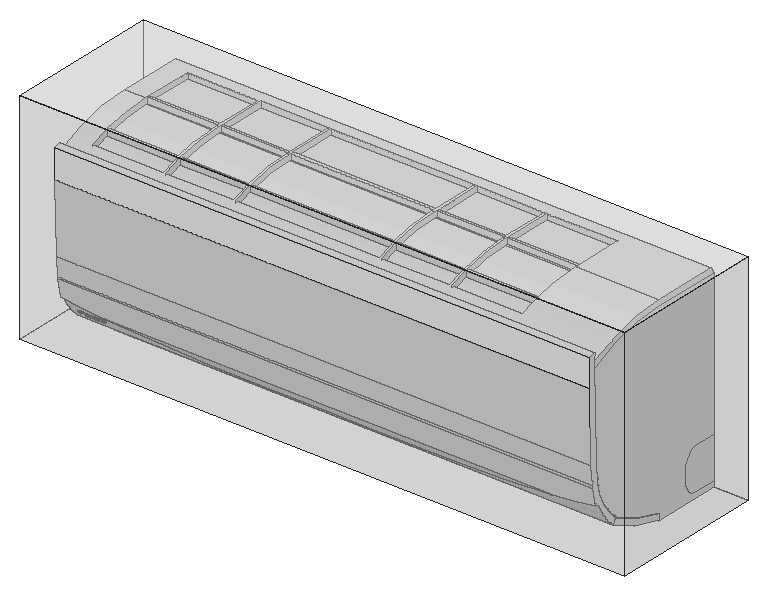
Revit family "outputfile", category 機械設備, Revit 2024
Family settings
  丸型コネクタ寸法 = 半径を使用
  パーツ タイプ = 標準
  OmniClass 番号 = 23.75.10.24.21.27.27
  OmniClass タイトル = Split System Air Conditioning Units
  作業面ベース = いいえ
  常に垂直 = はい
  ロード時にボイドで切り取り = いいえ
  注釈の向きを維持 = いいえ
  共有 = いいえ
  部屋計算ポイント = いいえ
Parameters (values of type "FTKM46QVMA")
  Description = ""
  書き出し IFC クラス(タイプ) = "IfcUnitaryEquipmentType"
  定義済み IFC タイプ(タイプ) = "AIRCONDITIONINGUNIT"
  Cost = 0
  Type Comments = ""
  Keynote = ""
  Type Image = (empty or 0)
  Assembly Code = ""
  w_wall hole = if(Width = 770.0 mm, 48.0 mm, 60.0 mm)  # 48.0 mm
  製造元 = "Daikin"
  モデル = "FTKM46QVMA"
  switch_frequency = yes
  r_Liquid Pipe Size = Liquid Pipe Size / 2  # 3.2 mm
  r_Gas Pipe Size = Gas Pipe Size / 2  # 6.35 mm
  r_Drain Pipe Size = Drain Pipe Size / 2  # 8.0 mm
  lw_powersupply [instance] = if(Width = 770.0 mm, if(or(Rear Right Connection_refrigerant, Bottom Right Connection_refrigerant), 25.0 mm, if(or(Rear Left Connection_refrigerant, Bottom Left Connection_refrigerant), 745.0 mm, 400.0 mm)), if(Width = 990.0 mm, if(or(Rear Right Connection_refrigerant, Bottom Right Connection_refrigerant), 40.0 mm, if(or(Rear Left Connection_refrigerant, Bottom Left Connection_refrigerant), 920.0 mm, 400.0 mm)), if(or(Rear Right Connection_refrigerant, Bottom Right Connection_refrigerant), 40.0 mm, if(or(Rear Left Connection_refrigerant, Bottom Left Connection_refrigerant), 920.0 mm, 400.0 mm))))  # 400.0 mm
  lw_liquidpipe [instance] = if(Width = 770.0 mm, if(or(Rear Right Connection_refrigerant, Bottom Right Connection_refrigerant), 0.0 mm, if(or(Rear Left Connection_refrigerant, Bottom Left Connection_refrigerant), 664.0 mm, 385.0 mm)), if(Width = 900.0 mm, if(or(Rear Right Connection_refrigerant, Bottom Right Connection_refrigerant), 0.0 mm, if(or(Rear Left Connection_refrigerant, Bottom Left Connection_refrigerant), 664.0 mm + (990.0 mm - 770.0 mm), 475.0 mm)), if(or(Rear Right Connection_refrigerant, Bottom Right Connection_refrigerant), 0.0 mm, if(or(Rear Left Connection_refrigerant, Bottom Left Connection_refrigerant), 664.0 mm + (990.0 mm - 770.0 mm), 475.0 mm))))  # 385.0 mm
  lw_gaspipe [instance] = if(Width = 770.0 mm, if(or(Rear Right Connection_refrigerant, Bottom Right Connection_refrigerant), 0.0 mm, if(or(Rear Left Connection_refrigerant, Bottom Left Connection_refrigerant), 675.0 mm, if(Gas Pipe Size = 12.7 mm, 345.0 mm, 335.0 mm))), if(Width = 990.0 mm, if(or(Rear Right Connection_refrigerant, Bottom Right Connection_refrigerant), 10.0 mm, if(or(Rear Left Connection_refrigerant, Bottom Left Connection_refrigerant), 890.0 mm, if(Gas Pipe Size = 15.9 mm, 410.0 mm, 400.0 mm))), if(or(Rear Right Connection_refrigerant, Bottom Right Connection_refrigerant), 10.0 mm, if(or(Rear Left Connection_refrigerant, Bottom Left Connection_refrigerant), 890.0 mm, if(Gas Pipe Size = 15.9 mm, 410.0 mm, 400.0 mm)))))  # 345.0 mm
  lw_drainpipe [instance] = if(Width = 770.0 mm, if(or(Rear Right Connection_refrigerant, Bottom Right Connection_refrigerant), 0.0 mm, if(or(Rear Left Connection_refrigerant, Bottom Left Connection_refrigerant), 770.0 mm - 48.0 mm - 48.0 mm, 440.0 mm)), if(Width = 990.0 mm, if(or(Rear Right Connection_refrigerant, Bottom Right Connection_refrigerant), 0.0 mm, if(or(Rear Left Connection_refrigerant, Bottom Left Connection_refrigerant), 675.0 mm + (990.0 mm - 770.0 mm), 435.0 mm)), if(or(Rear Right Connection_refrigerant, Bottom Right Connection_refrigerant), 0.0 mm, if(or(Rear Left Connection_refrigerant, Bottom Left Connection_refrigerant), 675.0 mm + (990.0 mm - 770.0 mm), 435.0 mm))))  # 440.0 mm
  l_powersupply_length [instance] = if(Width = 770.0 mm, if(Right Connection_refrigerant, 400.0 mm, if(Left Connection_refrigerant, 770.0 mm - 400.0 mm, if(or(Rear Left Connection_refrigerant, Rear Right Connection_refrigerant), 15.0 mm, 50.0 mm))), if(Width = 990.0 mm, if(Right Connection_refrigerant, 400.0 mm, if(Left Connection_refrigerant, 990.0 mm - 400.0 mm, if(or(Rear Left Connection_refrigerant, Rear Right Connection_refrigerant), 15.0 mm, 50.0 mm))), if(Right Connection_refrigerant, 400.0 mm, if(Left Connection_refrigerant, 990.0 mm - 400.0 mm, if(or(Rear Left Connection_refrigerant, Rear Right Connection_refrigerant), 15.0 mm, 50.0 mm)))))  # 400.0 mm
  l_liquidpipe_length [instance] = if(Width = 770.0 mm, if(Right Connection_refrigerant, 433.0 mm, if(Left Connection_refrigerant, 337.0 mm, if(or(Rear Left Connection_refrigerant, Rear Right Connection_refrigerant), 30.0 mm, 40.0 mm))), if(Width = 990.0 mm, if(Right Connection_refrigerant, 535.0 mm, if(Left Connection_refrigerant, 455.0 mm, if(or(Rear Left Connection_refrigerant, Rear Right Connection_refrigerant), 30.0 mm, 40.0 mm))), if(Right Connection_refrigerant, 535.0 mm, if(Left Connection_refrigerant, 455.0 mm, if(or(Rear Left Connection_refrigerant, Rear Right Connection_refrigerant), 30.0 mm, 40.0 mm)))))  # 433.0 mm
  l_gaspipe_length [instance] = if(Width = 770.0 mm, if(Right Connection_refrigerant, if(Gas Pipe Size = 12.7 mm, 393.0 mm, 383.0 mm), if(Left Connection_refrigerant, if(Gas Pipe Size = 12.7 mm, 770.0 mm - 393.0 mm, 770.0 mm - 383.0 mm), if(or(Rear Left Connection_refrigerant, Rear Right Connection_refrigerant), 40.0 mm, 50.0 mm))), if(Width = 990.0 mm, if(Right Connection_refrigerant, if(Gas Pipe Size = 15.9 mm, 470.0 mm, 460.0 mm), if(Left Connection_refrigerant, if(Gas Pipe Size = 15.9 mm, 990.0 mm - 470.0 mm, 990.0 mm - 460.0 mm), if(or(Rear Left Connection_refrigerant, Rear Right Connection_refrigerant), 40.0 mm, 50.0 mm))), if(Right Connection_refrigerant, if(Gas Pipe Size = 15.9 mm, 470.0 mm, 460.0 mm), if(Left Connection_refrigerant, if(Gas Pipe Size = 15.9 mm, 990.0 mm - 470.0 mm, 990.0 mm - 460.0 mm), if(or(Rear Left Connection_refrigerant, Rear Right Connection_refrigerant), 40.0 mm, 50.0 mm)))))  # 393.0 mm
  l_drainpipe_length [instance] = if(Width = 770.0 mm, if(Right Connection_refrigerant, 488.0 mm, if(Left Connection_refrigerant, 282.0 mm, if(or(Rear Left Connection_refrigerant, Rear Right Connection_refrigerant), 15.0 mm, 20.0 mm))), if(Width = 990.0 mm, if(Right Connection_refrigerant, 495.0 mm, if(Left Connection_refrigerant, 495.0 mm, if(or(Rear Left Connection_refrigerant, Rear Right Connection_refrigerant), 15.0 mm, 20.0 mm))), if(Right Connection_refrigerant, 495.0 mm, if(Left Connection_refrigerant, 495.0 mm, if(or(Rear Left Connection_refrigerant, Rear Right Connection_refrigerant), 15.0 mm, 20.0 mm)))))  # 488.0 mm
  h*** = 0.0 mm  # constant formula
  connector_voltage = Voltage_50Hz  # 230 V
  connector_powerinput = [Power Input (Cooling)]  # 0.000 kW
  connector_phase = Phase_50Hz  # 1
  angle_vertical [instance] = if(or(Bottom Left Connection_refrigerant, Bottom Right Connection_refrigerant), 0.00°, 90.00°)  # 90.00°
  angle_horizontal [instance] = if(Right Connection_refrigerant, 90.00°, if(Left Connection_refrigerant, -90.00°, if(or(Rear Left Connection_refrigerant, Rear Right Connection_refrigerant), 180.00°, 0.00°)))  # 90.00°
  Width = 770.0 mm
  Voltage_comment_50Hz = "220 - 240"
  Voltage_50Hz = 230 V
  Version = "ver.1.0"
  Unit Type = "Wall Mounted"
  Unit Mass Weight = 9.00 kg
  Unit Designation [instance] = ""
  Uniclass2015Version = "Products v1.30"
  Uniclass2015Title = "Split coil room air conditioning units"
  Uniclass2015Code = "Pr_70_65_03_86"
  URL = ""
  Total Cooling Capacity [instance] = 0.000 kW
  Sound Pressure Level_M speed (dBA) = 40
  Sound Pressure Level_L speed (dBA) = 35
  Sound Pressure Level_H speed (dBA) = 44
  Sound Power Level_H speed (dB) = 0
  Series = "Single Split_Fan Coil Unit"
  Sensible Cooling Capacity [instance] = 0.000 kW
  Refrigerant Type = "R32"
  Power Input (Cooling) = 0.000 kW
  Phase_50Hz = 1
  Option Accessory 3 [instance] = ""
  Option Accessory 2 [instance] = ""
  Option Accessory 1 [instance] = ""
  Nominal Cooling Capacity = 4.600 kW
  Minimum Circuit Amps_50Hz = 0.0 A
  Minimum Airflow = 504.00 m³/h
  Median Airflow = 600.00 m³/h
  Maximum Fuse Amps_50Hz = 0.0 A
  Maximum Airflow = 732.00 m³/h
  Material_Casing = DAIKIN_PureWhite_Casing_indoorunit
  Load Classification = HVAC
  Liquid Pipe Size = 6.4 mm
  Link_Nested Family [instance] = ""
  IfcVersion = ""
  IfcExportType = "AIRCONDITIONINGUNIT"
  IfcExportAs = "IfcUnitaryEquipmentType"
  Height = 285.0 mm
  Heat Exchanger Type = "Cross Fin Coil"
  Gas Pipe Size = 12.7 mm
  Frequency_50Hz = 50 Hz
  Fan Type = "Cross Flow Fan"
  Fan Drive = "Direct Drive"
  FCU Tag No. [instance] = ""
  Drain Pipe Size = 16.0 mm
  Design Supply Airflow [instance] = 0.00 m³/h
  Depth = 223.0 mm
  既定の高さ = 0.0 mm
  Cooling Entering Wet Bulb Temperature [instance] = 0.00 °C
  Cooling Entering Dry Bulb Temperature [instance] = 0.00 °C
  Cooling Ambient Wet Bulb Temperature [instance] = 0.00 °C
  Cooling Ambient Dry Bulb Temperature [instance] = 0.00 °C
  Clearance visibility [instance] = yes
  Clearance Top = 30.0 mm
  Clearance Right = 50.0 mm
  Clearance Rear = 0.0 mm
  Clearance Left = 50.0 mm
  Clearance Front = 0.0 mm
  Clearance Bottom = 0.0 mm
  Bottom Right Connection_refrigerant [instance] = no
  Bottom Left Connection_refrigerant [instance] = no
  Rear Right Connection_refrigerant [instance] = no
  Rear Left Connection_refrigerant [instance] = no
  Right Connection_refrigerant [instance] = yes
  Left Connection_refrigerant [instance] = no
Reference planes
  plane 1 "Back": y = 0
  plane 2: z = 0
  plane 3 "Center (Left/Right)": x = 0
  plane 4 "Center (Front/Back)": y = -111.5
  plane 5 "Front": y = -223
  plane 6 "Left": x = -385
  plane 7 "Right": x = 385
  plane 8 "Top": z = 0
  plane 9 "Bottom": z = -285
  plane 10: x = -435
  plane 11: x = 435
  plane 12: y = 0
  plane 13: y = -223
  plane 14: z = 30
  plane 15: z = -285
  plane 16 "lw_Piping and Wiring intake": x = 337
  plane 17 "lw_gaspipe": x = -8
  plane 18 "lw_liquidpipe": x = -48
  plane 19 "lw_drainpipe": x = -103
  plane 20 "lh_drainpipe": z = -265
  plane 21 "lh_liquidpipe": z = -245
  plane 22 "lh_gaspipe": z = -235
  plane 23 "ld_drainpipe": y = -15
  plane 24 "ld_liquidpipe": y = -30
  plane 25 "ld_gaspipe": y = -40
  plane 26 "lw_powersupply": x = -15
Dimensions and locks
  equal spacing: plane 6 "Left", plane 3 "Center (Left/Right)", plane 7 "Right"
  "Width": plane 6 "Left" to plane 7 "Right"
  equal spacing: plane 5 "Front", plane 4 "Center (Front/Back)", plane 1 "Back"
  "Depth": plane 5 "Front" to plane 1 "Back"
  "Height": plane 8 "Top" to plane 9 "Bottom"
  "Clearance Rear": plane 12 to plane 1 "Back"
  "Clearance Front": plane 13 to plane 5 "Front"
  "Clearance Top": plane 14 to plane 8 "Top"
  "Clearance Bottom": plane 9 "Bottom" to plane 15
  "w_wall hole": plane 16 "lw_Piping and Wiring intake" to plane 7 "Right"
  "lw_gaspipe": plane 17 "lw_gaspipe" to plane 16 "lw_Piping and Wiring intake"
  "lw_liquidpipe": plane 18 "lw_liquidpipe" to plane 16 "lw_Piping and Wiring intake"
  "lw_drainpipe": plane 19 "lw_drainpipe" to plane 16 "lw_Piping and Wiring intake"
  locked: plane 20 "lh_drainpipe" to plane 9 "Bottom" at 20
  locked: plane 21 "lh_liquidpipe" to plane 9 "Bottom" at 40
  locked: plane 22 "lh_gaspipe" to plane 9 "Bottom" at 50
  locked: plane 23 "ld_drainpipe" to plane 1 "Back" at 15
  locked: plane 1 "Back" to plane 24 "ld_liquidpipe" at 30
  locked: plane 1 "Back" to plane 25 "ld_gaspipe" at 40
  "lw_powersupply": plane 26 "lw_powersupply" to plane 7 "Right"
  "Clearance Right": plane 7 "Right" to plane 11
  "Clearance Left": plane 10 to plane 6 "Left"
  aligned and locked: level to plane 2
  aligned and locked: plane 12 to nested 1
  aligned and locked: nested 1 to plane 13
  aligned and locked: plane 10 to nested 1
  aligned and locked: plane 11 to nested 1
  aligned and locked: plane 15 to nested 1
  aligned and locked: plane 14 to nested 1
  aligned and locked: plane 17 "lw_gaspipe" to nested 2
  aligned and locked: nested 2 to plane 25 "ld_gaspipe"
  aligned and locked: plane 18 "lw_liquidpipe" to nested 3
  aligned and locked: nested 3 to plane 24 "ld_liquidpipe"
  aligned and locked: plane 19 "lw_drainpipe" to nested 4
  aligned and locked: nested 4 to plane 23 "ld_drainpipe"
  aligned and locked: nested 5 to plane 23 "ld_drainpipe"
  aligned and locked: plane 26 "lw_powersupply" to nested 5
  aligned and locked: level to plane 8 "Top"
  aligned and locked: plane 3 "Center (Left/Right)" to nested 6
  aligned and locked: plane 1 "Back" to nested 6
  aligned and locked: plane 8 "Top" to nested 6
Nested families
  nested 1: "daikin_clearancespace" at (0, -111.5, -127.381), show <- "Clearance visibility", visible <- "Clearance visibility", Link_Nested Family <- "Link_Nested Family", type "daikin_clearancespace"
    with width 870.0 mm, show yes, height 315.0 mm, depth 223.0 mm, Link_Nested Family ""
  nested 2: "daikin_connector_rotate3" at (-8, -40, -235), angle_vertical <- "angle_vertical", angle_horizontal <- "angle_horizontal", length <- "l_gaspipe_length", radius <- "r_Gas Pipe Size", type "daikin_connector_rotate3"
    with show no, radius 6.35 mm, length 393.0 mm, angle_vertical 90.00°, angle_horizontal 90.00°
  nested 3: "daikin_connector_rotate3" at (-48, -30, -245), angle_vertical <- "angle_vertical", angle_horizontal <- "angle_horizontal", radius <- "r_Liquid Pipe Size", length <- "l_liquidpipe_length", type "daikin_connector_rotate3"
    with show no, radius 3.2 mm, length 433.0 mm, angle_vertical 90.00°, angle_horizontal 90.00°
  nested 4: "daikin_connector_rotate3" at (-103, -15, -265), angle_vertical <- "angle_vertical", angle_horizontal <- "angle_horizontal", length <- "l_drainpipe_length", radius <- "r_Drain Pipe Size", type "daikin_connector_rotate3"
    with show no, radius 8.0 mm, length 488.0 mm, angle_vertical 90.00°, angle_horizontal 90.00°
  nested 5: "daikin_connector_rotate3" at (-15, -15, -235), angle_vertical <- "angle_vertical", angle_horizontal <- "angle_horizontal", length <- "l_powersupply_length", type "daikin_connector_rotate3"
    with show no, radius 10.0 mm, length 400.0 mm, angle_vertical 90.00°, angle_horizontal 90.00°
  nested 6: "DAIKIN_indoorunit_FTKM-QVMA" at (-31, 0, 0), type "FTKM-QVMA"
Connectors
  piping at (385, -40, -235), diameter 12.7, driven by "r_Gas Pipe Size"
    settings: on nested 2, index 1, connector inside diameter 609.6 mm, connector length 0.0 mm, flow factor 0, pipe flow 0.00 m³/h, pressure drop 0.0 Pa, fitting loss kfactor 0, connector angle 0.00°, fixture units 0, engagement length 0.0 mm, angle of deflection 0.00°, flow configuration 1, flow direction 2, fitting loss method 0, system type 29, joint type 0, gender type 0, connector reference index -1, connector utility 0, adjustable connector no, is connector primary yes, connector description "Refrigerant Gas Piping"
  piping at (385, -30, -245), diameter 6.4, driven by "r_Liquid Pipe Size"
    settings: on nested 3, index 2, connector inside diameter 609.6 mm, connector length 0.0 mm, flow factor 0, pipe flow 0.00 m³/h, pressure drop 0.0 Pa, fitting loss kfactor 0, connector angle 0.00°, fixture units 0, engagement length 0.0 mm, angle of deflection 0.00°, flow configuration 1, flow direction 1, fitting loss method 0, system type 29, joint type 0, gender type 0, connector reference index -1, connector utility 0, adjustable connector no, is connector primary no, connector description "Refrigerant Liquid Piping"
  piping at (385, -15, -265), diameter 16, driven by "r_Drain Pipe Size"
    settings: on nested 4, index 3, connector inside diameter 609.6 mm, connector length 0.0 mm, flow factor 0, pipe flow 0.00 m³/h, pressure drop 0.0 Pa, fitting loss kfactor 0, connector angle 0.00°, fixture units 0, engagement length 0.0 mm, angle of deflection 0.00°, flow configuration 1, flow direction 2, fitting loss method 4, system type 16, joint type 0, gender type 0, connector reference index -1, connector utility 0, adjustable connector no, is connector primary no, connector description "Condensate Drain Piping"
  electrical at (385, -15, -235), driven by "Load Classification", driven by "connector_powerinput", driven by "connector_voltage", driven by "connector_phase"
    settings: on nested 5, index 4, voltage 230 V, apparent load 0 VA, apparent load phase1 0 VA, apparent load phase2 0 VA, apparent load phase3 0 VA, power factor 1, load classification "HVAC", number of poles 1, system type 30, power factor state 1, is connector primary yes, connector utility no, sub classification motor no, connector description "Power Supply"
Definition of nested family "daikin_clearancespace"
  Parameters (values of type "daikin_clearancespace")
    Description = "daikin_clearancespace"
    width [instance] = 1823.963 mm
    show [instance] = yes
    material = none
    height [instance] = 1359.762 mm
    depth [instance] = 880.0 mm
    Default Elevation = 0.0 mm
    Link_Nested Family [instance] = ""
  Reference planes
    plane 1 "Center (Front/Back)": y = 0
    plane 2 "Center (Elevation)": z = -0.119
    plane 3 "Center (Left/Right)": x = 0
    plane 4: y = 440
    plane 5: y = -440
    plane 6 "Right": x = 911.982
    plane 7 "Left": x = -911.982
    plane 8 "Top": z = 679.762
    plane 9 "Bottom": z = -680
  Forms (mm)
    Extrusion 1, solid, material <- "material", visible <- "show"
      sketch origin (0, 0, 0) x (1, 0, 0) y (0, 1, 0)
        loop
          line (-911.982, 440) -> (-911.982, -440) -> (911.982, -440) -> (911.982, 440) -> (-911.982, 440)
      from -680 to 679.762
  Lines and regions (mm)
    symbolic lines, visible <- "show"
      curve 1: line (911.982, 440, 0) -> (-911.982, 440, 0)
      curve 2: line (-911.982, 440, 0) -> (-911.982, -440, 0)
      curve 3: line (-911.982, -440, 0) -> (911.982, -440, 0)
      curve 4: line (911.982, -440, 0) -> (911.982, 440, 0)
      curve 5: line (911.982, 0, 679.762) -> (-911.982, 0, 679.762)
      curve 6: line (911.982, 0, -680) -> (911.982, 0, 679.762)
      curve 7: line (-911.982, 0, -680) -> (911.982, 0, -680)
      curve 8: line (-911.982, 0, 679.762) -> (-911.982, 0, -680)
      curve 9: line (0, 440, 679.762) -> (0, -440, 679.762)
      curve 10: line (0, -440, 679.762) -> (0, -440, -680)
      curve 11: line (0, 440, -680) -> (0, 440, 679.762)
      curve 12: line (0, -440, -680) -> (0, 440, -680)
  Dimensions and locks
    "width": plane 7 "Left" to plane 6 "Right"
    "depth": plane 4 to plane 5
    "height": plane 8 "Top" to plane 9 "Bottom"
    equal spacing: plane 7 "Left", plane 3 "Center (Left/Right)", plane 6 "Right"
    equal spacing: plane 4, plane 1 "Center (Front/Back)", plane 5
    equal spacing: plane 8 "Top", plane 2 "Center (Elevation)", plane 9 "Bottom"
    aligned and locked: level to plane 2 "Center (Elevation)"
    aligned and locked: Extrusion 1 sketch curve to plane 4
    aligned and locked: plane 7 "Left" to Extrusion 1 sketch curve
    aligned and locked: Extrusion 1 sketch curve to plane 5
    aligned and locked: Extrusion 1 sketch curve to plane 6 "Right"
    aligned and locked: plane 8 "Top" to Extrusion 1
    aligned and locked: curve 1 to Extrusion 1
    aligned and locked: curve 2 to Extrusion 1
    aligned and locked: curve 3 to Extrusion 1
    aligned and locked: curve 4 to Extrusion 1
    aligned and locked: curve 5 to Extrusion 1
    aligned and locked: curve 6 to Extrusion 1
    aligned and locked: curve 7 to Extrusion 1
    aligned and locked: curve 8 to Extrusion 1
    aligned and locked: curve 9 to Extrusion 1
    aligned and locked: curve 10 to Extrusion 1
    aligned and locked: curve 11 to Extrusion 1
    aligned and locked: curve 12 to Extrusion 1
    aligned and locked: Extrusion 1 to plane 9 "Bottom"
Definition of nested family "DAIKIN_indoorunit_FTKM-QVMA"
  Parameters (values of type "FTKM-QVMA")
    switch_unit1_50-71 = Width = 990.0 mm  # no
    switch_unit1_20-46 = Width = 770.0 mm  # yes
    Width = 770.0 mm
    WALL HOLE-R = if(Width = 770.0 mm, 48.0 mm, 60.0 mm)  # 48.0 mm
    WALL HOLE Size = if(Width = 770.0 mm, 65.0 mm, 80.0 mm)  # 65.0 mm
    Material_Casing = none
    Height = if(Width = 770.0 mm, 285.0 mm, 295.0 mm)  # 285.0 mm
    Default Elevation = 0.0 mm
  Reference planes
    plane 1 "Center (Front/Back)": y = 0
    plane 2 "reference_level": z = 0
    plane 3 "Center (Left/Right)": x = 31
    plane 4: x = -354
    plane 5: x = 416
    plane 6: z = -285
  Forms (mm)
    Extrusion 1, solid, material <- "Material_Casing", visible <- "switch_unit1_20-46"
      sketch origin (29, 0, 0) x (0, 1, 0) y (0, 0, 1)
        loop
          line (-5, 0) -> (-98, 0)
          arc (-98, 0) -> (-157.611, -7.211) -> (-213.783, -28.427) r 250
          arc (-213.783, -28.427) -> (-213.842, -32.972) -> (-213.892, -37.516) r 2191
          arc (-213.892, -37.516) -> (-157.832, -15.495) -> (-98.07, -8) r 242
          line (-98.07, -8) -> (0, -8) -> (-5, 0)
      from -383 to 387
    Extrusion 2, solid, material <- "Material_Casing", visible <- "switch_unit1_20-46"
      sketch origin (416, 1296.25, 1200) x (0, 1, 0) y (0, 0, 1)
        loop
          line (-1472.998, -1446.91) -> (-1476.998, -1453.839)
          arc (-1476.998, -1453.839) -> (-1437.481, -1472.422) -> (-1395.25, -1483.538) r 240
          line (-1395.25, -1483.538) -> (-1395.25, -1475.422)
          arc (-1395.25, -1475.422) -> (-1435.407, -1464.663) -> (-1472.998, -1446.91) r 232
      from 0 to -47.5
    Extrusion 3, solid, material <- "Material_Casing", visible <- "switch_unit1_20-46"
      sketch origin (29, 0, 0) x (0, 1, 0) y (0, 0, 1)
        loop
          arc (-223, -60.455) -> (-222.414, -110.646) -> (-220.656, -160.81) r 2149.92
          arc (-220.656, -160.81) -> (-219.65, -174.299) -> (-217.853, -187.706) r 229.911
          arc (-217.853, -187.706) -> (-205.371, -223.594) -> (-181.517, -253.17) r 111
          line (-181.517, -253.17) -> (-177.429, -246.093)
          arc (-177.429, -246.093) -> (-198.77, -218.989) -> (-209.965, -186.36) r 103
          arc (-209.965, -186.36) -> (-211.681, -173.586) -> (-212.651, -160.735) r 221.844
          arc (-212.651, -160.735) -> (-214.739, -93.233) -> (-214.74, -25.699) r 2186.828
          arc (-214.74, -25.699) -> (-214.671, -21.467) -> (-214.594, -17.235) r 2192
          line (-214.594, -17.235) -> (-223, -19.961) -> (-223, -60.455)
      from -383 to 387
    Extrusion 4, solid, material <- "Material_Casing", visible <- "switch_unit1_20-46"
      sketch origin (29, 0, 0) x (0, 1, 0) y (0, 0, 1)
        loop
          line (-181.517, -253.17) -> (-179.597, -249.846)
          arc (-179.597, -249.846) -> (-202.009, -221.399) -> (-213.189, -186.952) r 103
          line (-213.189, -186.952) -> (-217.853, -187.706)
          arc (-217.853, -187.706) -> (-217.533, -189.556) -> (-217.182, -191.4) r 111
          arc (-217.182, -191.4) -> (-213.806, -208.181) -> (-210.362, -224.948) r 4257.809
          arc (-210.362, -224.948) -> (-198.886, -237.857) -> (-186.225, -249.607) r 180
          line (-186.225, -249.607) -> (-181.517, -253.17)
      from -383 to 387
    Extrusion 5, solid, material <- "Material_Casing", visible <- "switch_unit1_20-46"
      sketch origin (29, 0, -20) x (0, 1, 0) y (0, 0, 1)
        loop
          line (0, -265) -> (0, 12) -> (-98.07, 12)
          arc (-98.07, 12) -> (-157.832, 4.505) -> (-213.892, -17.516) r 242
          arc (-213.892, -17.516) -> (-213.638, -79.114) -> (-211.653, -140.681) r 2191
          arc (-211.653, -140.681) -> (-210.685, -153.501) -> (-208.973, -166.243) r 221
          arc (-208.973, -166.243) -> (-197.471, -199.282) -> (-175.482, -226.491) r 102
          arc (-175.482, -226.491) -> (-138.004, -244.019) -> (-98, -254.579) r 231
          line (-98, -254.579) -> (-98, -265) -> (0, -265)
      from -383 to 387
    Extrusion 6, solid, material <- "Material_Casing", visible <- "switch_unit1_20-46"
      sketch origin (-354, 1296.25, 1200) x (0, 1, 0) y (0, 0, 1)
        loop
          line (-1472.998, -1446.91) -> (-1476.998, -1453.839)
          arc (-1476.998, -1453.839) -> (-1437.481, -1472.422) -> (-1395.25, -1483.538) r 240
          line (-1395.25, -1483.538) -> (-1395.25, -1475.422)
          arc (-1395.25, -1475.422) -> (-1435.407, -1464.663) -> (-1472.998, -1446.91) r 232
      from 47 to 0
    Extrusion 7, solid, material <- "Material_Casing", visible <- "switch_unit1_20-46"
      sketch origin (416, 1296.25, 1200) x (0, 1, 0) y (0, 0, 1)
        loop
          line (-1472.998, -1446.91) -> (-1476.998, -1453.839)
          arc (-1476.998, -1453.839) -> (-1443.437, -1470.168) -> (-1407.75, -1481.097) r 240
          line (-1407.75, -1481.097) -> (-1407.75, -1472.894)
          arc (-1407.75, -1472.894) -> (-1441.363, -1462.385) -> (-1472.998, -1446.91) r 232
      from -116.993 to -48.493
    Extrusion 8, solid, material <- "Material_Casing", visible <- "switch_unit1_20-46"
      sketch origin (416, 1296.25, 1200) x (0, 1, 0) y (0, 0, 1)
        loop
          line (-1472.998, -1446.91) -> (-1476.998, -1453.839)
          arc (-1476.998, -1453.839) -> (-1443.437, -1470.168) -> (-1407.75, -1481.097) r 240
          line (-1407.75, -1481.097) -> (-1407.75, -1472.894)
          arc (-1407.75, -1472.894) -> (-1441.363, -1462.385) -> (-1472.998, -1446.91) r 232
      from -717 to -121.993
    Extrusion 9, void
      sketch origin (31, 0, -235) x (1, 0, 0) y (0, 1, 0)
        loop
          line (-252.674, -22.316) -> (-354.941, -22.316) -> (-354.941, -91.341) -> (-252.674, -91.341) -> (-252.674, -22.316)
        loop
          line (-249.341, -91.341) -> (-151.574, -91.341) -> (-151.574, -22.316) -> (-249.341, -22.316) -> (-249.341, -91.341)
        loop
          line (58.309, -22.316) -> (-148.309, -22.316) -> (-148.309, -91.341) -> (58.309, -91.341) -> (58.309, -22.316)
        loop
          line (61.689, -22.316) -> (61.689, -91.341) -> (159.457, -91.341) -> (159.457, -22.316) -> (61.689, -22.316)
        loop
          line (162.789, -22.316) -> (162.789, -91.341) -> (265.057, -91.341) -> (265.057, -22.316) -> (162.789, -22.316)
        loop
          line (-354.941, -94.659) -> (-354.941, -165.259) -> (-252.674, -165.259) -> (-252.674, -94.659) -> (-354.941, -94.659)
        loop
          line (-249.341, -94.659) -> (-249.341, -165.259) -> (-151.574, -165.259) -> (-151.574, -94.659) -> (-249.341, -94.659)
        loop
          line (-148.309, -94.659) -> (-148.309, -165.259) -> (58.309, -165.259) -> (58.309, -94.659) -> (-148.309, -94.659)
        loop
          line (61.689, -94.659) -> (61.689, -165.259) -> (159.457, -165.259) -> (159.457, -94.659) -> (61.689, -94.659)
        loop
          line (162.789, -94.659) -> (162.789, -165.259) -> (265.057, -165.259) -> (265.057, -94.659) -> (162.789, -94.659)
        loop
          line (-354.941, -167.382) -> (-354.941, -192.681) -> (-252.674, -192.681) -> (-252.674, -167.382) -> (-354.941, -167.382)
        loop
          line (-249.341, -167.382) -> (-249.341, -192.681) -> (-151.574, -192.681) -> (-151.574, -167.382) -> (-249.341, -167.382)
        loop
          line (-148.309, -167.382) -> (-148.309, -192.681) -> (58.309, -192.681) -> (58.309, -167.382) -> (-148.309, -167.382)
        loop
          line (159.457, -167.382) -> (61.689, -167.382) -> (61.689, -192.681) -> (159.457, -192.681) -> (159.457, -167.382)
        loop
          line (265.057, -167.382) -> (162.789, -167.382) -> (162.789, -192.681) -> (265.057, -192.681) -> (265.057, -167.382)
      from 201.638 to 250
    Extrusion 10, void
      sketch origin (31, 0, 0) x (1, 0, 0) y (0, 0, 1)
        loop
          arc (597, -174.907) -> (0.056, -245.263) -> (-597, -175.856) r 2585.042
          line (-597, -175.856) -> (-597, -352.872) -> (597, -352.872) -> (597, -174.907)
      from 173 to 315.3
    Extrusion 11, solid, material <- "Material_Casing"
      sketch origin (31, 0, 0) x (1, 0, 0) y (0, 0, 1)
        loop
          circle (337, -240.5) r 32.5
        loop
          circle (-337, -240.5) r 32.5
      from 0 to 5
    Extrusion 12, solid, material <- "Material_Casing", visible <- "switch_unit1_20-46"
      sketch origin (416, 1296.25, 1200) x (0, -1, 0) y (0, 0, 1)
        loop
          line (1326.25, -1417) -> (1296.25, -1417) -> (1296.25, -1477) -> (1326.25, -1477)
          arc (1326.25, -1477) -> (1340.393, -1471.142) -> (1346.25, -1457) r 20
          line (1346.25, -1457) -> (1346.25, -1437)
          arc (1346.25, -1437) -> (1340.393, -1422.858) -> (1326.25, -1417) r 20
      from 0 to 5
    Extrusion 13, solid, material <- "Material_Casing", visible <- "switch_unit1_20-46"
      sketch origin (-354, 1296.25, 1200) x (0, 1, 0) y (0, 0, 1)
        loop
          line (-1296.25, -1417) -> (-1326.25, -1417)
          arc (-1326.25, -1417) -> (-1340.393, -1422.858) -> (-1346.25, -1437) r 20
          line (-1346.25, -1437) -> (-1346.25, -1457)
          arc (-1346.25, -1457) -> (-1340.393, -1471.142) -> (-1326.25, -1477) r 20
          line (-1326.25, -1477) -> (-1296.25, -1477) -> (-1296.25, -1417)
      from 0 to 5
    Extrusion 14, solid, material <- "Material_Casing", visible <- "switch_unit1_20-46"
      sketch origin (31, 0, -285) x (-1, 0, 0) y (0, -1, 0)
        loop
          line (-314, 0) -> (-314, 30)
          arc (-314, 30) -> (-319.858, 44.142) -> (-334, 50) r 20
          line (-334, 50) -> (-354, 50)
          arc (-354, 50) -> (-368.142, 44.142) -> (-374, 30) r 20
          line (-374, 30) -> (-374, 0) -> (-314, 0)
        loop
          line (374, 0) -> (374, 30)
          arc (374, 30) -> (368.142, 44.142) -> (354, 50) r 20
          line (354, 50) -> (334, 50)
          arc (334, 50) -> (319.858, 44.142) -> (314, 30) r 20
          line (314, 30) -> (314, 0) -> (374, 0)
      from 0 to 5
    Extrusion 15, solid, material <- "Material_Casing", visible <- "switch_unit1_50-71"
      sketch origin (31, 0, 0) x (0, 1, 0) y (0, 0, 1)
        loop
          line (-5, 0) -> (-138, 0)
          arc (-138, 0) -> (-197.611, -7.211) -> (-253.783, -28.427) r 250
          arc (-253.783, -28.427) -> (-253.838, -32.687) -> (-253.886, -36.946) r 2191
          arc (-253.886, -36.946) -> (-197.73, -15.346) -> (-138.014, -8) r 246.393
          line (-138.014, -8) -> (0, -8) -> (-5, 0)
      from -495 to 495
    Extrusion 16, solid, material <- "Material_Casing", visible <- "switch_unit1_50-71"
      sketch origin (418, 1296.25, 1200) x (0, 1, 0) y (0, 0, 1)
        loop
          arc (-1515.208, -1454.149) -> (-1506.856, -1460.599) -> (-1497.925, -1466.219) r 110
          arc (-1497.925, -1466.219) -> (-1445.718, -1487.493) -> (-1389.844, -1494.995) r 223
          line (-1389.844, -1494.995) -> (-1389.844, -1486.086) -> (-1404.386, -1486.086)
          arc (-1404.386, -1486.086) -> (-1449.542, -1477.46) -> (-1491.818, -1459.402) r 214.289
          arc (-1491.818, -1459.402) -> (-1501.056, -1453.541) -> (-1509.606, -1446.715) r 101
          line (-1509.606, -1446.715) -> (-1515.208, -1454.149)
      from 108 to 57.5
    Extrusion 17, solid, material <- "Material_Casing", visible <- "switch_unit1_50-71"
      sketch origin (31, 0, 0) x (0, 1, 0) y (0, 0, 1)
        loop
          line (-263, -19.962) -> (-263, -61.6)
          arc (-263, -61.6) -> (-262.414, -110.219) -> (-260.656, -158.81) r 2017.341
          arc (-260.656, -158.81) -> (-255.648, -191.935) -> (-244.041, -223.362) r 164.725
          arc (-244.041, -223.362) -> (-233.569, -239.793) -> (-219.717, -253.495) r 87.379
          line (-219.717, -253.495) -> (-214.706, -246.846)
          arc (-214.706, -246.846) -> (-229.564, -230.029) -> (-240.385, -210.371) r 102
          arc (-240.385, -210.371) -> (-249.049, -182.962) -> (-252.848, -154.467) r 165.789
          arc (-252.848, -154.467) -> (-254.771, -90.102) -> (-254.74, -25.708) r 2122.533
          arc (-254.74, -25.708) -> (-254.671, -21.469) -> (-254.594, -17.23) r 2192
          line (-254.594, -17.23) -> (-263, -19.962)
      from -495 to 495
    Extrusion 18, void
      sketch origin (33, 0, 0) x (1, 0, 0) y (0, 1, 0)
        loop
          line (-466.909, -22.316) -> (-466.909, -111.341) -> (-366.303, -111.341) -> (-366.303, -22.316) -> (-466.909, -22.316)
        loop
          line (-362.71, -22.316) -> (-362.71, -111.341) -> (-262.103, -111.341) -> (-262.103, -22.316) -> (-362.71, -22.316)
        loop
          line (-258.51, -22.316) -> (-258.51, -111.341) -> (-157.904, -111.341) -> (-157.904, -22.316) -> (-258.51, -22.316)
        loop
          line (-154.31, -22.316) -> (-154.31, -111.341) -> (-53.704, -111.341) -> (-53.704, -22.316) -> (-154.31, -22.316)
        loop
          line (-50.11, -22.316) -> (-50.11, -111.341) -> (50.496, -111.341) -> (50.496, -22.316) -> (-50.11, -22.316)
        loop
          line (54.089, -22.316) -> (54.089, -111.341) -> (154.696, -111.341) -> (154.696, -22.316) -> (54.089, -22.316)
        loop
          line (158.289, -22.316) -> (158.289, -111.341) -> (258.895, -111.341) -> (258.895, -22.316) -> (158.289, -22.316)
        loop
          line (262.489, -22.316) -> (262.489, -111.341) -> (363.095, -111.341) -> (363.095, -22.316) -> (262.489, -22.316)
        loop
          line (-466.909, -114.459) -> (-466.909, -185.059) -> (-366.303, -185.059) -> (-366.303, -114.459) -> (-466.909, -114.459)
        loop
          line (-362.71, -114.459) -> (-362.71, -185.059) -> (-262.103, -185.059) -> (-262.103, -114.459) -> (-362.71, -114.459)
        loop
          line (-258.51, -114.459) -> (-258.51, -185.059) -> (-157.904, -185.059) -> (-157.904, -114.459) -> (-258.51, -114.459)
        loop
          line (-154.31, -114.459) -> (-154.31, -185.059) -> (-53.704, -185.059) -> (-53.704, -114.459) -> (-154.31, -114.459)
        loop
          line (-50.11, -114.459) -> (-50.11, -185.059) -> (50.496, -185.059) -> (50.496, -114.459) -> (-50.11, -114.459)
        loop
          line (54.089, -114.459) -> (54.089, -185.059) -> (154.696, -185.059) -> (154.696, -114.459) -> (54.089, -114.459)
        loop
          line (158.289, -114.459) -> (158.289, -185.059) -> (258.895, -185.059) -> (258.895, -114.459) -> (158.289, -114.459)
        loop
          line (262.489, -114.459) -> (262.489, -185.059) -> (363.095, -185.059) -> (363.095, -114.459) -> (262.489, -114.459)
        loop
          line (-466.909, -187.382) -> (-466.909, -232.681) -> (-366.303, -232.681) -> (-366.303, -187.382) -> (-466.909, -187.382)
        loop
          line (-362.71, -187.382) -> (-362.71, -232.681) -> (-262.103, -232.681) -> (-262.103, -187.382) -> (-362.71, -187.382)
        loop
          line (-258.51, -187.382) -> (-258.51, -232.681) -> (-157.904, -232.681) -> (-157.904, -187.382) -> (-258.51, -187.382)
        loop
          line (-154.31, -187.382) -> (-154.31, -232.681) -> (-53.704, -232.681) -> (-53.704, -187.382) -> (-154.31, -187.382)
        loop
          line (-50.11, -187.382) -> (-50.11, -232.681) -> (50.496, -232.681) -> (50.496, -187.382) -> (-50.11, -187.382)
        loop
          line (54.089, -187.382) -> (54.089, -232.681) -> (154.696, -232.681) -> (154.696, -187.382) -> (54.089, -187.382)
        loop
          line (158.289, -187.382) -> (158.289, -232.681) -> (258.895, -232.681) -> (258.895, -187.382) -> (158.289, -187.382)
        loop
          line (262.489, -187.382) -> (262.489, -232.681) -> (363.095, -232.681) -> (363.095, -187.382) -> (262.489, -187.382)
      from -40.013 to 47.268
    Extrusion 19, void
      sketch origin (33, 0, 2300) x (1, 0, 0) y (0, 0, 1)
        loop
          line (705, -2672.872) -> (705, -2462.4)
          arc (705, -2462.4) -> (-2.043, -2534.819) -> (-709, -2461.567) r 3467.757
          line (-709, -2461.567) -> (-709, -2672.872) -> (705, -2672.872)
      from 173 to 315.3
    Extrusion 20, solid, material <- "Material_Casing", visible <- "switch_unit1_50-71"
      sketch origin (-356, 1296.25, 1200) x (0, 1, 0) y (0, 0, -1)
        loop
          line (-1515.208, 1454.149) -> (-1509.606, 1446.715)
          arc (-1509.606, 1446.715) -> (-1501.056, 1453.541) -> (-1491.818, 1459.402) r 101
          arc (-1491.818, 1459.402) -> (-1449.542, 1477.46) -> (-1404.386, 1486.086) r 214.289
          line (-1404.386, 1486.086) -> (-1389.844, 1486.086) -> (-1389.844, 1494.995)
          arc (-1389.844, 1494.995) -> (-1445.718, 1487.493) -> (-1497.925, 1466.219) r 223
          arc (-1497.925, 1466.219) -> (-1506.856, 1460.599) -> (-1515.208, 1454.149) r 110
      from 108 to 61
    Extrusion 21, solid, material <- "Material_Casing", visible <- "switch_unit1_50-71"
      sketch origin (418, 1296.25, 1200) x (0, 1, 0) y (0, 0, 1)
        loop
          arc (-1515.208, -1454.149) -> (-1506.856, -1460.599) -> (-1497.925, -1466.219) r 110
          arc (-1497.925, -1466.219) -> (-1463.185, -1482.066) -> (-1426.25, -1491.755) r 223
          line (-1426.25, -1491.755) -> (-1426.25, -1483.166)
          arc (-1426.25, -1483.166) -> (-1460.008, -1473.969) -> (-1491.818, -1459.402) r 214.289
          arc (-1491.818, -1459.402) -> (-1501.056, -1453.541) -> (-1509.606, -1446.715) r 101
          line (-1509.606, -1446.715) -> (-1515.208, -1454.149)
      from 56.5 to -36.993
    Extrusion 22, solid, material <- "Material_Casing", visible <- "switch_unit1_50-71"
      sketch origin (418, 1296.25, 1200) x (0, 1, 0) y (0, 0, 1)
        loop
          arc (-1426.25, -1483.166) -> (-1443.442, -1479.224) -> (-1460.25, -1473.881) r 214.289
          line (-1460.25, -1473.881) -> (-1460.25, -1483.089)
          arc (-1460.25, -1483.089) -> (-1443.421, -1488.091) -> (-1426.25, -1491.755) r 223
          line (-1426.25, -1491.755) -> (-1426.25, -1483.166)
      from -43.493 to -828.893
    Extrusion 23, solid, material <- "Material_Casing", visible <- "switch_unit1_50-71"
      sketch origin (418, 1296.25, 1200) x (0, 1, 0) y (0, 0, 1)
        loop
          arc (-1515.208, -1454.149) -> (-1506.856, -1460.599) -> (-1497.925, -1466.219) r 110
          arc (-1497.925, -1466.219) -> (-1479.479, -1475.527) -> (-1460.25, -1483.089) r 223
          line (-1460.25, -1483.089) -> (-1460.25, -1473.881)
          arc (-1460.25, -1473.881) -> (-1476.328, -1467.282) -> (-1491.818, -1459.402) r 214.289
          arc (-1491.818, -1459.402) -> (-1501.056, -1453.541) -> (-1509.606, -1446.715) r 101
          line (-1509.606, -1446.715) -> (-1515.208, -1454.149)
      from -43.493 to -828.893
    Extrusion 24, solid, material <- "Material_Casing", visible <- "switch_unit1_50-71"
      sketch origin (31, 0, 0) x (0, 1, 0) y (0, 0, 1)
        loop
          arc (-217.78, -250.924) -> (-234.088, -233.307) -> (-245.826, -212.366) r 102
          arc (-245.826, -212.366) -> (-251.608, -196.062) -> (-255.659, -179.245) r 165.789
          line (-255.659, -179.245) -> (-258.299, -179.737)
          arc (-258.299, -179.737) -> (-257.524, -183.799) -> (-256.646, -187.84) r 164.725
          arc (-256.646, -187.84) -> (-252.868, -206.25) -> (-249.973, -224.82) r 393.089
          arc (-249.973, -224.82) -> (-239.237, -236.969) -> (-227.451, -248.102) r 180
          arc (-227.451, -248.102) -> (-223.723, -250.998) -> (-219.717, -253.495) r 45.878
          line (-219.717, -253.495) -> (-217.78, -250.924)
      from -495 to 495
    Extrusion 25, solid, material <- "Material_Casing", visible <- "switch_unit1_50-71"
      sketch origin (31, 0, -30) x (0, 1, 0) y (0, 0, 1)
        loop
          line (0, 22) -> (-138.014, 22)
          arc (-138.014, 22) -> (-197.73, 14.654) -> (-253.886, -6.946) r 246.393
          arc (-253.886, -6.946) -> (-253.682, -65.635) -> (-251.855, -124.295) r 2120.935
          arc (-251.855, -124.295) -> (-248.086, -152.682) -> (-239.461, -179.988) r 164.789
          arc (-239.461, -179.988) -> (-228.903, -199.231) -> (-214.437, -215.738) r 101
          line (-214.437, -215.738) -> (-212.406, -216.221)
          arc (-212.406, -216.221) -> (-204.07, -222.837) -> (-195.079, -228.53) r 100
          arc (-195.079, -228.53) -> (-145.557, -248.629) -> (-92.593, -255.785) r 213.289
          line (-92.593, -255.785) -> (-92.593, -265) -> (0, -265) -> (0, 22)
      from -495 to 495
    Extrusion 26, solid, material <- "Material_Casing", visible <- "switch_unit1_50-71"
      sketch origin (526, 1296.25, 1200) x (0, -1, 0) y (0, 0, 1)
        loop
          line (1326.25, -1427.035) -> (1296.25, -1427.035) -> (1296.25, -1487.035) -> (1326.25, -1487.035)
          arc (1326.25, -1487.035) -> (1340.393, -1481.177) -> (1346.25, -1467.035) r 20
          line (1346.25, -1467.035) -> (1346.25, -1447.035)
          arc (1346.25, -1447.035) -> (1340.393, -1432.892) -> (1326.25, -1427.035) r 20
      from 0 to 5
    Extrusion 27, solid, material <- "Material_Casing", visible <- "switch_unit1_50-71"
      sketch origin (-459, 1296.25, 1200) x (0, -1, 0) y (0, 0, 1)
        loop
          line (1326.25, -1427.035) -> (1296.25, -1427.035) -> (1296.25, -1487.035) -> (1326.25, -1487.035)
          arc (1326.25, -1487.035) -> (1340.393, -1481.177) -> (1346.25, -1467.035) r 20
          line (1346.25, -1467.035) -> (1346.25, -1447.035)
          arc (1346.25, -1447.035) -> (1340.393, -1432.892) -> (1326.25, -1427.035) r 20
      from 0 to 5
    Extrusion 28, solid, material <- "Material_Casing", visible <- "switch_unit1_50-71"
      sketch origin (31, 200, -295) x (-1, 0, 0) y (0, -1, 0)
        loop
          line (469, 200) -> (469, 230)
          arc (469, 230) -> (463.142, 244.142) -> (449, 250) r 20
          line (449, 250) -> (429, 250)
          arc (429, 250) -> (414.858, 244.142) -> (409, 230) r 20
          line (409, 230) -> (409, 200) -> (469, 200)
        loop
          line (-469, 200) -> (-409, 200) -> (-409, 230)
          arc (-409, 230) -> (-414.858, 244.142) -> (-429, 250) r 20
          line (-429, 250) -> (-449, 250)
          arc (-449, 250) -> (-463.142, 244.142) -> (-469, 230) r 20
          line (-469, 230) -> (-469, 200)
      from 0 to 5
  Cuts and joins
    Extrusion 9 cuts Extrusion 1
    Extrusion 10 cuts Extrusion 4
    joined: Extrusion 3, Extrusion 4
    Extrusion 18 cuts Extrusion 15
    Extrusion 19 cuts Extrusion 24
    joined: Extrusion 17, Extrusion 24
  Lines and regions (mm)
    reference lines
      curve 1: line (-523, -201.911, -229.404) -> (-523, -193.542, -239.977)
      curve 2: line (-523, -240.779, -229.404) -> (-523, -232.411, -239.977)
  Dimensions and locks
    locked: Extrusion 10 sketch curve to Extrusion 10 sketch curve at 1194
    Extrusion 10 sketch curve to Extrusion 10 sketch curve = 1194.0 mm
    locked: Extrusion 12 sketch curve to Extrusion 12 sketch curve at 60
    locked: Extrusion 12 sketch curve to Extrusion 12 sketch curve at 50
    locked: Extrusion 14 sketch curve to Extrusion 14 sketch curve at 60  (x2)
    locked: Extrusion 14 sketch curve to Extrusion 14 sketch curve at 50
    equal spacing: plane 5, plane 3 "Center (Left/Right)", plane 4
    "Width": plane 5 to plane 4
    locked: Extrusion 11 sketch curve to plane 4 at 48
    "WALL HOLE-R": plane 5 to Extrusion 11 sketch curve
    "Height": plane 2 "reference_level" to plane 6
    locked: Extrusion 11 sketch curve to plane 6 at 44.5  (x2)
    locked: cut or joined group of Extrusion 3, Extrusion 4, Extrusion 10 to nested 1 at 15
    locked: Extrusion 17 to nested 2 at 15
    locked: Extrusion 26 sketch curve to Extrusion 26 sketch curve at 60
    locked: Extrusion 26 sketch curve to Extrusion 26 sketch curve at 50
    locked: Extrusion 27 sketch curve to Extrusion 27 sketch curve at 60
    locked: Extrusion 27 sketch curve to Extrusion 27 sketch curve at 50
    locked: Extrusion 28 sketch curve to Extrusion 28 sketch curve at 60  (x2)
    locked: Extrusion 28 sketch curve to Extrusion 28 sketch curve at 50  (x2)
    "WALL HOLE Size": diameter of Extrusion 11 sketch curve  (x2)
    aligned and locked: level to plane 2 "reference_level"
    aligned and locked: nested 1 to curve 1
    aligned and locked: Extrusion 13 sketch curve to Extrusion 12  (x4)
    aligned and locked: Extrusion 14 sketch curve to Extrusion 14 sketch curve  (x2)
    aligned and locked: Extrusion 11 to plane 1 "Center (Front/Back)"
    aligned and locked: nested 2 to curve 2
  Automatic sketch dimensions
    Extrusion 10 sketch curve to plane 3 "Center (Left/Right)" = 597.0 mm
    Extrusion 10 sketch curve to plane 3 "Center (Left/Right)" = 2.0 mm
    Extrusion 10 sketch curve to level = 352.872 mm
    Extrusion 10 sketch curve to level = 175.856 mm
    Extrusion 10 sketch curve to level = 174.907 mm
    curve 1 to level = 239.977 mm
    plane 1 "Center (Front/Back)" to curve 1 = 193.542 mm
    curve 2 to curve 1 = 0.0 mm
    curve 2 to curve 2 = 10.573 mm
    curve 1 to curve 1 = 10.573 mm
    curve 1 to curve 1 = 8.368 mm
    curve 1 to curve 2 = 30.5 mm
    curve 2 to curve 2 = 8.368 mm
    Extrusion 19 sketch curve to plane 3 "Center (Left/Right)" = 707.0 mm
    plane 3 "Center (Left/Right)" to Extrusion 19 sketch curve = 2.0 mm
    plane 3 "Center (Left/Right)" to Extrusion 19 sketch curve = 707.0 mm
    Extrusion 19 sketch curve to level = 372.872 mm
    Extrusion 19 sketch curve to level = 162.4 mm
    Extrusion 19 sketch curve to level = 161.567 mm
    Extrusion 1 sketch curve to level = 0.0 mm
    Extrusion 1 sketch curve to plane 1 "Center (Front/Back)" = 0.0 mm
    plane 1 "Center (Front/Back)" to Extrusion 1 sketch curve = 5.0 mm
    plane 1 "Center (Front/Back)" to Extrusion 1 sketch curve = 98.0 mm
    Extrusion 1 sketch curve to Extrusion 1 sketch curve = 0.07 mm
    Extrusion 1 sketch curve to level = 59.292 mm
    Extrusion 1 sketch curve to plane 1 "Center (Front/Back)" = 1977.0 mm
    Extrusion 1 sketch curve to level = 250.0 mm
    Extrusion 1 sketch curve to Extrusion 1 sketch curve = 0.0 mm
    Extrusion 1 sketch curve to level = 8.0 mm
    Extrusion 1 sketch curve to level = 28.427 mm
    plane 1 "Center (Front/Back)" to Extrusion 2 sketch curve = 180.748 mm
    Extrusion 2 sketch curve to Extrusion 2 sketch curve = 4.0 mm
    Extrusion 2 sketch curve to Extrusion 2 sketch curve = 77.747 mm
    plane 1 "Center (Front/Back)" to Extrusion 2 sketch curve = 59.279 mm
    Extrusion 2 sketch curve to Extrusion 2 sketch curve = 0.0 mm
    Extrusion 2 sketch curve to level = 283.538 mm
    Extrusion 2 sketch curve to Extrusion 2 sketch curve = 8.116 mm
    Extrusion 2 sketch curve to Extrusion 2 sketch curve = 21.583 mm
    Extrusion 2 sketch curve to Extrusion 2 sketch curve = 6.929 mm
    Extrusion 3 sketch curve to level = 19.961 mm
    plane 1 "Center (Front/Back)" to Extrusion 3 sketch curve = 223.0 mm
    Extrusion 3 sketch curve to level = 17.235 mm
    Extrusion 3 sketch curve to Extrusion 3 sketch curve = 8.406 mm
    plane 1 "Center (Front/Back)" to Extrusion 3 sketch curve = 181.517 mm
    Extrusion 3 sketch curve to Extrusion 3 sketch curve = 4.087 mm
    Extrusion 3 sketch curve to Extrusion 3 sketch curve = 69.11 mm
    Extrusion 3 sketch curve to Extrusion 3 sketch curve = 0.001 mm
    Extrusion 3 sketch curve to plane 1 "Center (Front/Back)" = 8.955 mm
    Extrusion 3 sketch curve to Extrusion 3 sketch curve = 0.067 mm
    Extrusion 3 sketch curve to level = 60.455 mm
    Extrusion 3 sketch curve to Extrusion 3 sketch curve = 1917.898 mm
    Extrusion 3 sketch curve to Extrusion 3 sketch curve = 44.907 mm
    Extrusion 3 sketch curve to Extrusion 3 sketch curve = 5.172 mm
    Extrusion 3 sketch curve to level = 150.456 mm
    Extrusion 3 sketch curve to Extrusion 3 sketch curve = 0.006 mm
    Extrusion 3 sketch curve to Extrusion 3 sketch curve = 19.265 mm
    Extrusion 3 sketch curve to Extrusion 3 sketch curve = 0.004 mm
    Extrusion 3 sketch curve to Extrusion 3 sketch curve = 76.368 mm
    Extrusion 3 sketch curve to Extrusion 3 sketch curve = 7.077 mm
    Extrusion 3 sketch curve to Extrusion 3 sketch curve = 1.002 mm
    Extrusion 3 sketch curve to Extrusion 3 sketch curve = 0.046 mm
    Extrusion 3 sketch curve to Extrusion 3 sketch curve = 8.005 mm
    Extrusion 3 sketch curve to Extrusion 3 sketch curve = 0.147 mm
    Extrusion 3 sketch curve to Extrusion 3 sketch curve = 0.0 mm
    plane 1 "Center (Front/Back)" to Extrusion 4 sketch curve = 217.853 mm
    Extrusion 4 sketch curve to Extrusion 4 sketch curve = 4.664 mm
    Extrusion 4 sketch curve to Extrusion 4 sketch curve = 26.964 mm
    Extrusion 4 sketch curve to Extrusion 4 sketch curve = 4.708 mm
    Extrusion 4 sketch curve to Extrusion 4 sketch curve = 1.92 mm
    Extrusion 4 sketch curve to Extrusion 4 sketch curve = 68.441 mm
    Extrusion 4 sketch curve to Extrusion 4 sketch curve = 2.837 mm
    Extrusion 4 sketch curve to Extrusion 4 sketch curve = 38.066 mm
    level to Extrusion 4 sketch curve = 640.031 mm
    Extrusion 4 sketch curve to plane 1 "Center (Front/Back)" = 3958.661 mm
    Extrusion 4 sketch curve to level = 111.946 mm
    Extrusion 4 sketch curve to Extrusion 4 sketch curve = 57.779 mm
    Extrusion 4 sketch curve to Extrusion 4 sketch curve = 3.149 mm
    Extrusion 4 sketch curve to Extrusion 4 sketch curve = 14.078 mm
    Extrusion 4 sketch curve to Extrusion 4 sketch curve = 0.754 mm
    Extrusion 4 sketch curve to Extrusion 4 sketch curve = 0.239 mm
    Extrusion 4 sketch curve to Extrusion 4 sketch curve = 3.324 mm
    Extrusion 4 sketch curve to Extrusion 4 sketch curve = 0.0 mm
    Extrusion 5 sketch curve to plane 1 "Center (Front/Back)" = 0.0 mm
    plane 1 "Center (Front/Back)" to Extrusion 5 sketch curve = 59.278 mm
    Extrusion 5 sketch curve to Extrusion 5 sketch curve = 98.0 mm
    Extrusion 5 sketch curve to Extrusion 5 sketch curve = 0.0 mm  (x3)
    Extrusion 5 sketch curve to level = 8.0 mm
    Extrusion 5 sketch curve to Extrusion 5 sketch curve = 38.791 mm
    Extrusion 5 sketch curve to Extrusion 5 sketch curve = 10.249 mm
    Extrusion 5 sketch curve to plane 1 "Center (Front/Back)" = 9.11 mm
    Extrusion 5 sketch curve to level = 59.292 mm
    Extrusion 5 sketch curve to Extrusion 5 sketch curve = 1967.89 mm
    Extrusion 5 sketch curve to Extrusion 5 sketch curve = 142.454 mm
    Extrusion 5 sketch curve to Extrusion 5 sketch curve = 19.271 mm
    Extrusion 5 sketch curve to Extrusion 5 sketch curve = 80.275 mm
    Extrusion 5 sketch curve to Extrusion 5 sketch curve = 24.579 mm
    Extrusion 5 sketch curve to Extrusion 5 sketch curve = 10.421 mm
    Extrusion 5 sketch curve to level = 46.847 mm
    Extrusion 5 sketch curve to Extrusion 5 sketch curve = 77.412 mm
    Extrusion 5 sketch curve to Extrusion 5 sketch curve = 33.49 mm
    Extrusion 5 sketch curve to Extrusion 5 sketch curve = 2.68 mm
    plane 1 "Center (Front/Back)" to Extrusion 6 sketch curve = 180.748 mm
    Extrusion 6 sketch curve to Extrusion 6 sketch curve = 4.0 mm
    Extrusion 6 sketch curve to Extrusion 6 sketch curve = 77.747 mm
    plane 1 "Center (Front/Back)" to Extrusion 6 sketch curve = 59.279 mm
    Extrusion 6 sketch curve to Extrusion 6 sketch curve = 0.0 mm
    Extrusion 6 sketch curve to level = 283.538 mm
    Extrusion 6 sketch curve to Extrusion 6 sketch curve = 8.116 mm
    Extrusion 6 sketch curve to Extrusion 6 sketch curve = 21.583 mm
    Extrusion 6 sketch curve to Extrusion 6 sketch curve = 6.929 mm
    plane 1 "Center (Front/Back)" to Extrusion 7 sketch curve = 180.748 mm
    Extrusion 7 sketch curve to Extrusion 7 sketch curve = 4.0 mm
    Extrusion 7 sketch curve to Extrusion 7 sketch curve = 65.247 mm
    plane 1 "Center (Front/Back)" to Extrusion 7 sketch curve = 59.279 mm
    Extrusion 7 sketch curve to Extrusion 7 sketch curve = 0.0 mm
    Extrusion 7 sketch curve to level = 281.097 mm
    Extrusion 7 sketch curve to Extrusion 7 sketch curve = 8.203 mm
    Extrusion 7 sketch curve to Extrusion 7 sketch curve = 19.055 mm
    Extrusion 7 sketch curve to Extrusion 7 sketch curve = 6.929 mm
    plane 1 "Center (Front/Back)" to Extrusion 8 sketch curve = 180.748 mm
    Extrusion 8 sketch curve to Extrusion 8 sketch curve = 4.0 mm
    Extrusion 8 sketch curve to Extrusion 8 sketch curve = 65.247 mm
    plane 1 "Center (Front/Back)" to Extrusion 8 sketch curve = 59.279 mm
    Extrusion 8 sketch curve to Extrusion 8 sketch curve = 0.0 mm
    Extrusion 8 sketch curve to level = 281.097 mm
    Extrusion 8 sketch curve to Extrusion 8 sketch curve = 8.203 mm
    Extrusion 8 sketch curve to Extrusion 8 sketch curve = 19.055 mm
    Extrusion 8 sketch curve to Extrusion 8 sketch curve = 6.929 mm
    plane 1 "Center (Front/Back)" to Extrusion 9 sketch curve = 165.259 mm  (x2)
    Extrusion 9 sketch curve to plane 3 "Center (Left/Right)" = 354.941 mm
    plane 1 "Center (Front/Back)" to Extrusion 9 sketch curve = 22.316 mm  (x3)
    Extrusion 9 sketch curve to Extrusion 9 sketch curve = 0.0 mm  (x26)
    Extrusion 9 sketch curve to Extrusion 9 sketch curve = 102.268 mm  (x2)
    Extrusion 9 sketch curve to Extrusion 9 sketch curve = 3.332 mm  (x4)
    Extrusion 9 sketch curve to Extrusion 9 sketch curve = 97.768 mm  (x2)
    Extrusion 9 sketch curve to Extrusion 9 sketch curve = 3.264 mm  (x3)
    plane 3 "Center (Left/Right)" to Extrusion 9 sketch curve = 58.309 mm
    Extrusion 9 sketch curve to Extrusion 9 sketch curve = 3.38 mm  (x3)
    Extrusion 9 sketch curve to Extrusion 9 sketch curve = 2.124 mm  (x6)
    Extrusion 9 sketch curve to Extrusion 9 sketch curve = 25.299 mm  (x2)
    Extrusion 9 sketch curve to Extrusion 9 sketch curve = 70.6 mm
    Extrusion 9 sketch curve to Extrusion 9 sketch curve = 3.317 mm  (x4)
    Extrusion 12 sketch curve to plane 1 "Center (Front/Back)" = 0.0 mm
    Extrusion 12 sketch curve to Extrusion 12 sketch curve = 20.0 mm  (x2)
    Extrusion 12 sketch curve to level = 277.0 mm
    plane 1 "Center (Front/Back)" to Extrusion 14 sketch curve = 0.0 mm
    plane 3 "Center (Left/Right)" to Extrusion 14 sketch curve = 374.0 mm
    Extrusion 14 sketch curve to Extrusion 14 sketch curve = 20.0 mm  (x3)
    plane 1 "Center (Front/Back)" to Extrusion 14 sketch curve = 30.0 mm
    Extrusion 14 sketch curve to plane 3 "Center (Left/Right)" = 314.0 mm
    Extrusion 15 sketch curve to level = 0.0 mm
    Extrusion 15 sketch curve to plane 1 "Center (Front/Back)" = 0.0 mm
    plane 1 "Center (Front/Back)" to Extrusion 15 sketch curve = 5.0 mm
    Extrusion 15 sketch curve to Extrusion 15 sketch curve = 133.0 mm
    Extrusion 15 sketch curve to Extrusion 15 sketch curve = 0.013 mm
    Extrusion 15 sketch curve to level = 59.292 mm
    Extrusion 15 sketch curve to plane 1 "Center (Front/Back)" = 1937.0 mm
    Extrusion 15 sketch curve to Extrusion 15 sketch curve = 250.0 mm
    Extrusion 15 sketch curve to Extrusion 15 sketch curve = 4.393 mm
    Extrusion 15 sketch curve to level = 8.0 mm
    Extrusion 15 sketch curve to level = 28.427 mm
    plane 1 "Center (Front/Back)" to Extrusion 16 sketch curve = 218.957 mm
    Extrusion 16 sketch curve to Extrusion 16 sketch curve = 5.601 mm
    Extrusion 16 sketch curve to Extrusion 16 sketch curve = 65.735 mm
    Extrusion 16 sketch curve to Extrusion 16 sketch curve = 1.462 mm
    plane 1 "Center (Front/Back)" to Extrusion 16 sketch curve = 108.136 mm
    Extrusion 16 sketch curve to Extrusion 16 sketch curve = 14.543 mm
    plane 1 "Center (Front/Back)" to Extrusion 16 sketch curve = 92.093 mm
    Extrusion 16 sketch curve to Extrusion 16 sketch curve = 1.354 mm
    Extrusion 16 sketch curve to level = 294.995 mm
    Extrusion 16 sketch curve to Extrusion 16 sketch curve = 8.909 mm
    Extrusion 16 sketch curve to Extrusion 16 sketch curve = 31.937 mm
    Extrusion 16 sketch curve to Extrusion 16 sketch curve = 7.433 mm
    Extrusion 16 sketch curve to Extrusion 16 sketch curve = 75.403 mm
    Extrusion 16 sketch curve to Extrusion 16 sketch curve = 0.896 mm
    Extrusion 16 sketch curve to level = 72.504 mm
    Extrusion 16 sketch curve to Extrusion 16 sketch curve = 0.504 mm
    Extrusion 17 sketch curve to level = 19.962 mm
    plane 1 "Center (Front/Back)" to Extrusion 17 sketch curve = 263.0 mm
    Extrusion 17 sketch curve to level = 17.23 mm
    Extrusion 17 sketch curve to Extrusion 17 sketch curve = 8.406 mm
    Extrusion 17 sketch curve to Extrusion 17 sketch curve = 43.283 mm
    Extrusion 17 sketch curve to Extrusion 17 sketch curve = 5.011 mm
    Extrusion 17 sketch curve to Extrusion 17 sketch curve = 49.129 mm
    Extrusion 17 sketch curve to Extrusion 17 sketch curve = 19.417 mm
    Extrusion 17 sketch curve to Extrusion 17 sketch curve = 50.037 mm
    Extrusion 17 sketch curve to Extrusion 17 sketch curve = 8.89 mm
    Extrusion 17 sketch curve to level = 61.6 mm
    Extrusion 17 sketch curve to plane 1 "Center (Front/Back)" = 1754.341 mm
    Extrusion 17 sketch curve to level = 58.909 mm
    Extrusion 17 sketch curve to Extrusion 17 sketch curve = 113.192 mm
    Extrusion 17 sketch curve to Extrusion 17 sketch curve = 69.467 mm
    Extrusion 17 sketch curve to level = 146.886 mm
    Extrusion 17 sketch curve to Extrusion 17 sketch curve = 3.987 mm
    Extrusion 17 sketch curve to Extrusion 17 sketch curve = 20.44 mm
    Extrusion 17 sketch curve to Extrusion 17 sketch curve = 13.597 mm
    Extrusion 17 sketch curve to Extrusion 17 sketch curve = 61.936 mm
    Extrusion 17 sketch curve to Extrusion 17 sketch curve = 6.649 mm
    Extrusion 17 sketch curve to level = 59.438 mm
    Extrusion 17 sketch curve to Extrusion 17 sketch curve = 0.0 mm
    Extrusion 17 sketch curve to Extrusion 17 sketch curve = 0.147 mm
    Extrusion 17 sketch curve to Extrusion 17 sketch curve = 7.808 mm
    plane 1 "Center (Front/Back)" to Extrusion 18 sketch curve = 22.316 mm  (x6)
    Extrusion 18 sketch curve to plane 3 "Center (Left/Right)" = 464.909 mm
    Extrusion 18 sketch curve to Extrusion 18 sketch curve = 0.0 mm  (x27)
    Extrusion 18 sketch curve to Extrusion 18 sketch curve = 100.606 mm  (x7)
    Extrusion 18 sketch curve to Extrusion 18 sketch curve = 3.594 mm  (x16)
    Extrusion 18 sketch curve to plane 3 "Center (Left/Right)" = 51.704 mm
    plane 3 "Center (Left/Right)" to Extrusion 18 sketch curve = 52.496 mm  (x2)
    Extrusion 18 sketch curve to Extrusion 18 sketch curve = 89.026 mm  (x6)
    Extrusion 18 sketch curve to Extrusion 18 sketch curve = 3.117 mm  (x8)
    Extrusion 18 sketch curve to Extrusion 18 sketch curve = 70.6 mm  (x7)
    Extrusion 18 sketch curve to Extrusion 18 sketch curve = 2.324 mm  (x8)
    Extrusion 18 sketch curve to Extrusion 18 sketch curve = 45.299 mm  (x7)
    plane 1 "Center (Front/Back)" to Extrusion 20 sketch curve = 218.957 mm
    Extrusion 20 sketch curve to Extrusion 20 sketch curve = 5.601 mm
    Extrusion 20 sketch curve to Extrusion 20 sketch curve = 65.735 mm
    Extrusion 20 sketch curve to Extrusion 20 sketch curve = 1.462 mm
    plane 1 "Center (Front/Back)" to Extrusion 20 sketch curve = 108.136 mm
    Extrusion 20 sketch curve to Extrusion 20 sketch curve = 14.543 mm
    plane 1 "Center (Front/Back)" to Extrusion 20 sketch curve = 92.093 mm
    Extrusion 20 sketch curve to Extrusion 20 sketch curve = 1.354 mm
    Extrusion 20 sketch curve to level = 72.0 mm
    Extrusion 20 sketch curve to Extrusion 20 sketch curve = 0.504 mm
    Extrusion 20 sketch curve to Extrusion 20 sketch curve = 98.416 mm
